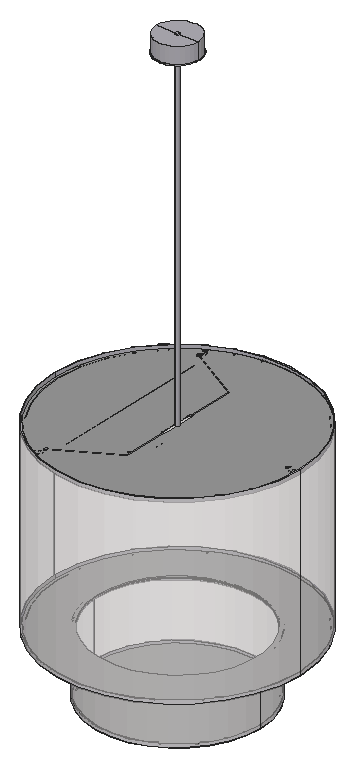
Revit family "Lighting - Lumetta - Pendant - P5342334", category Lighting Fixtures, host Ceiling, Revit 2015
Parameters
  Wattage = 11.7117 W
  built-in parameter 1150110 = 1 (stored number, unit not read)
  URL = "https://lumetta.com/luminaires/drum-2tier-34-pendant/"
  Type Comments = "Drum 2Tier 34'' Pendant"  # constant formula
  built-in parameter 1114217 = 1 (stored number, unit not read)
  Top Lens-Material [instance] = Acrylic - 2447 - White
  Top Lens [instance] = yes
  built-in parameter 1150109 = 1 (stored number, unit not read)
  built-in parameter 1150134 = (empty or 0)
  Suspension [instance] = 2
  built-in parameter 1150113 = 1 (stored number, unit not read)
  Stem Hung-ALL Lamping [instance] = Suspension = 2  # yes
  STD-NON_DIM [instance] = not([3-4-LED])  # yes
  P5342334 URL [instance] = "https://lumetta.com/luminaires/drum-2tier-34-pendant/"
  Light Source Symbol Size = 0' - 1"
  Coupling-Stems Over 60 inches [instance] = and([Stem Hung-ALL Lamping], Fixture Drop > 5' 0")  # no
  Model = "P5342334"  # constant formula
  Manufacturer = "Lumetta, Inc."  # constant formula
  Lumens = 1300 lm
  built-in parameter 1150115 = 1 (stored number, unit not read)
  built-in parameter 1150105 = 103.45 (stored number, unit not read)
  built-in parameter 1150137 = (empty or 0)
  built-in parameter 1150139 = (empty or 0)
  built-in parameter 1150112 = 1 (stored number, unit not read)
  built-in parameter 1150114 = 1 (stored number, unit not read)
  built-in parameter 1150132 = 1
  built-in parameter 1150102 = (empty or 0)
  built-in parameter 1150138 = (empty or 0)
  built-in parameter 1150107 = 3000 (stored number, unit not read)
  built-in parameter 1150106 = 1.0345 (stored number, unit not read)
  Frame Finish [instance] = Paint - Lumetta - F02 - PC_Chrome
  Fixture Drop [instance] = 4' - 0"
  built-in parameter 1150104 = 10.312 (stored number, unit not read)
  Dimming Lamp Color Temperature Shift = (empty or 0)
  Top Diffuser Material [instance] = Shade - Lumetta - D61 - MT_White
  Description = ""
  Cord [instance] = Suspension = 1  # no
  Bottom Lens-Material [instance] = Acrylic - P95 - Etched White
  Bottom Lens [instance] = yes
  Bottom Diffuser Material [instance] = Shade - Lumetta - D61 - MT_White
  3-4-LED [instance] = and([3 or 4 Wire Dimming OR LED], Suspension = 1)  # no
  3 or 4 Wire Dimming OR LED [instance] = yes
  3 Cables [instance] = Suspension = 1  # no
  1CRD-3CBL-ALL Lamping [instance] = Suspension = 1  # no
  Cord Color [instance] = Cord, Black
  Color Filter = 16777215
  built-in parameter 1114218 = 1 (stored number, unit not read)
  built-in parameter 1150133 = 10 (stored number, unit not read)
Reference planes (in)
  plane 1 "Light Source Axis (F/B)": y = 0
  plane 2 "Ceiling": z = 96
  plane 3 "Light Source Axis (L/R)": x = 0
  plane 4 "Light Source Elevation": z = 45.5
  plane 5 "Fixture-Top": z = 48
  plane 6 "Fixture-Radius-1": x = 17
  plane 7 "Fixture-Height-1": z = 22.5
  plane 8: through (0, 0, 0) normal (-0.5, -0.866, 0)
  plane 9: y = 0
  plane 10: through (0, 0, 0) normal (0.5, -0.866, 0)
  plane 11 "Plane-120": through (-8.5, 14.72243, 0) normal (0.5, -0.866, 0)
  plane 12 "Plane-240": through (-70.85383, 21.27757, 0) normal (0.5, 0.866, 0)
  plane 13: through (0, 0, 0) normal (-0.866, -0.5, 0)
  plane 14: through (0, 0, 0) normal (0.866, -0.5, 0)
  plane 15 "Fixture-Radius-2": x = 11.5
  plane 16 "Fixture-Height-2": z = 14
Forms (in)
  Revolve 1, solid, material "Paint - Lumetta - F02 - PC_Chrome" <- "Frame Finish", visible <- "1CRD-3CBL-ALL Lamping"
    sketch origin (0, 0, 0) x (1, 0, 0) y (0, 0, 1)
      loop
        line (0, 96) -> (0, 95.4375) -> (3, 95.4375) -> (3, 95.5) -> (2.87509, 95.5) -> (2.87509, 96) -> (0, 96)
      axis (0, 96) -> (0, 95.4375)
    angle from 0 to 360
  Extrusion 2, void
    sketch origin (0, 0, 95.4375) x (0, -1, 0) y (1, 0, 0)
      loop
        circle (0, 0) r 0.25
      loop
        circle (0, 2.5) r 0.06274
      loop
        circle (-2.16506, -1.25) r 0.06274
      loop
        circle (2.16506, -1.25) r 0.06274
    from 0 to 0.06358
  Revolve 3, solid, material "Paint - Lumetta - F02 - PC_Chrome" <- "Frame Finish"
    sketch origin (0, 0, 0) x (1, 0, 0) y (0, 0, 1)
      loop
        line (17, 48) -> (16.93781, 48) -> (16.93781, 47.56373) -> (16.50031, 47.56373) -> (16.50031, 47.50123) -> (17, 47.50123) -> (17, 48)
      loop
        line (17, 23.00004) -> (16.93781, 23.00004) -> (16.93781, 22.56378) -> (16.50031, 22.56378) -> (16.50031, 22.5) -> (17, 22.5) -> (17, 23.00004)
      loop
        line (11.5, 14.49877) -> (11.4375, 14.49877) -> (11.4375, 14.0625) -> (11, 14.0625) -> (11, 14) -> (11.5, 14) -> (11.5, 14.49877)
      loop
        line (11.5, 22.00123) -> (11.5, 22.5) -> (11, 22.5) -> (11, 22.4375) -> (11.4375, 22.4375) -> (11.4375, 22.00123) -> (11.5, 22.00123)
      axis (0, 48) -> (0, 14)
    angle from 0 to 360
  Revolve 4, solid, material "Shade - Lumetta - D61 - MT_White" <- "Top Diffuser Material"
    sketch origin (0, 0, 0) x (1, 0, 0) y (0, 0, 1)
      loop
        line (17, 48) -> (17, 22.5) -> (17.06242, 22.5) -> (17.06242, 48) -> (17, 48)
      axis (0, 48) -> (0, 22.5)
    angle from 0 to 360
  Extrusion 5, solid, material "Paint - Lumetta - F02 - PC_Chrome" <- "Frame Finish", visible <- "Stem Hung-ALL Lamping"
    sketch origin (0, 0, 48) x (0, -1, 0) y (-1, 0, 0)
      loop
        circle (0, 0) r 0.25
    from 0.56254 to -48
  Revolve 6, solid, material "Paint - Lumetta - F02 - PC_Chrome" <- "Frame Finish", visible <- "Coupling-Stems Over 60 inches"
    sketch origin (0, 0, 0) x (1, 0, 0) y (0, 0, 1)
      loop
        line (0, 108.53023) -> (0, 108) -> (0.26233, 108)
        arc (0.26233, 108) -> (0.31307, 108.05074) -> (0.26233, 108.10149) r 0.05074
        arc (0.26233, 108.10149) -> (0.29304, 108.26499) -> (0.26243, 108.42851) r 0.45126
        arc (0.26243, 108.42851) -> (0.31329, 108.47937) -> (0.26243, 108.53023) r 0.05086
        line (0.26243, 108.53023) -> (0, 108.53023)
      axis (0, 108.53023) -> (0, 108)
    angle from 0 to 360
  Revolve 7, solid, material "Paint - Lumetta - F02 - PC_Chrome" <- "Frame Finish", visible <- "Stem Hung-ALL Lamping"
    sketch origin (0, 0, 0) x (1, 0, 0) y (0, 0, 1)
      loop
        line (0, 96) -> (0, 93.40625) -> (0.34988, 93.40625)
        arc (0.34988, 93.40625) -> (0.49124, 93.54417) -> (0.58115, 93.72) r 0.61026
        line (0.58115, 93.72) -> (3, 93.72) -> (3, 93.78) -> (2.875, 93.78) -> (2.875, 96) -> (0, 96)
      axis (0, 96) -> (0, 93.40625)
    angle from 0 to 360
  Extrusion 8, solid, material "Cord, Black" <- "Cord Color", visible <- "1CRD-3CBL-ALL Lamping"
    sketch origin (0, 0, 48) x (0, -1, 0) y (1, 0, 0)
      loop
        circle (0, 0) r 0.15674
    from -0.56254 to 48
  Extrusion 9, solid
    sketch origin (0, 0, 48) x (0, -1, 0) y (1, 0, 0)
      loop
        line (-0.5, 16.48559) -> (-0.5, 15.75) -> (0.5, 15.75) -> (0.5, 16.48559)
        arc (0.5, 16.48559) -> (0, 16.49317) -> (-0.5, 16.48559) r 16.49317
      loop
        circle (0, 16) r 0.11051
      loop
        arc (-14.53312, -7.81335) -> (-14.28968, -8.25015) -> (-14.03312, -8.67938) r 16.50031
        line (-14.03312, -8.67938) -> (-13.3899, -8.30801) -> (-13.8899, -7.44199) -> (-14.53312, -7.81335)
      loop
        circle (-13.85641, -8) r 0.10826
      loop
        arc (14.02694, -8.67581) -> (14.2835, -8.24658) -> (14.52694, -7.80978) r 16.49317
        line (14.52694, -7.80978) -> (13.8899, -7.44199) -> (13.3899, -8.30801) -> (14.02694, -8.67581)
      loop
        circle (13.85641, -8) r 0.10826
    from -0.43627 to -0.49877
  Extrusion 10, solid
    sketch origin (0, 0, 48) x (0, -1, 0) y (1, 0, 0)
      loop
        circle (0, 16) r 0.11051
      loop
        line (-0.76833, 16.23292) -> (-0.76833, 15.46921) -> (-13.81756, -7.13271) -> (-14.42396, -7.48282) -> (-13.67396, -8.78185) -> (-13.01257, -8.4) -> (13.08589, -8.4) -> (13.69229, -8.7501) -> (14.44229, -7.45107) -> (13.7809, -7.06921) -> (0.73167, 15.53271) -> (0.73167, 16.23292) -> (-0.76833, 16.23292)
      loop
        circle (0, 15.25) r 0.15796
      loop
        circle (-13.85641, -8) r 0.11051
      loop
        circle (-13.20689, -7.625) r 0.15796
      loop
        circle (13.85641, -8) r 0.11051
      loop
        circle (13.20689, -7.625) r 0.15796
      loop
        arc (11.2475, -6.7125) -> (11.43695, -6.60313) -> (11.43695, -6.38438) r 0.21875
        line (11.43695, -6.38438) -> (0.18944, 13.09688)
        arc (0.18944, 13.09688) -> (0, 13.20625) -> (-0.18944, 13.09688) r 0.21875
        line (-0.18944, 13.09688) -> (-11.43695, -6.38438)
        arc (-11.43695, -6.38438) -> (-11.43695, -6.60313) -> (-11.2475, -6.7125) r 0.21875
        line (-11.2475, -6.7125) -> (11.2475, -6.7125)
    from -0.5625 to -0.49877
  Sweep 11, solid, visible <- "1CRD-3CBL-ALL Lamping"
    path origin (0, 0, 0) x (1, 0, 0) y (0, 0, 1)
      loop
        line (2.5, 95.50108) -> (15.25, 47.50123)
    profile origin (8.875, 0, 71.50116) x (0.966485, 0, 0.256723) y (0, -1, 0)
      loop
        circle (0, 0) r 0.03083
  Sweep 12, solid, visible <- "1CRD-3CBL-ALL Lamping"
    path origin (0, 0, 0) x (-0.5, 0.866025, 0) y (0, 0, 1)
      loop
        line (2.5, 95.50108) -> (15.25, 47.50123)
    profile origin (-4.4375, 7.68598, 71.50116) x (-0.483242, 0.837, 0.256723) y (0.866025, 0.5, 0)
      loop
        circle (0, 0) r 0.03083
  Sweep 13, solid, visible <- "1CRD-3CBL-ALL Lamping"
    path origin (0, 0, 0) x (-0.5, -0.866025, 0) y (0, 0, 1)
      loop
        line (2.5, 95.50108) -> (15.25, 47.50123)
    profile origin (-4.4375, -7.68598, 71.50116) x (-0.483242, -0.837, 0.256723) y (-0.866025, 0.5, 0)
      loop
        circle (0, 0) r 0.03083
  Extrusion 14, solid, material "Acrylic - P95 - Etched White" <- "Bottom Lens-Material", visible <- "Bottom Lens"
    sketch origin (0, 0, 22.5) x (0, -1, 0) y (1, 0, 0)
      loop
        circle (0, 0) r 16.84375
      loop
        circle (0, 0) r 11
    from 0.06378 to 0.1875
  Extrusion 15, solid
    sketch origin (0, 0, 48) x (0, -1, 0) y (1, 0, 0)
      loop
        line (-8.47262, -1.25) -> (8.47262, -1.25) -> (7.02924, 1.25) -> (-7.02924, 1.25) -> (-8.47262, -1.25)
      loop
        circle (0, 0) r 0.28281
    from -0.56254 to -0.49877
  Extrusion 16, solid, material "Acrylic - 2447 - White" <- "Top Lens-Material", visible <- "Top Lens"
    sketch origin (0, 0, 48) x (0, -1, 0) y (1, 0, 0)
      loop
        line (-2.50665, 0.05287) -> (-8.76685, 0.05287) -> (-13.06871, -7.39816)
        arc (-13.06871, -7.39816) -> (-13.39627, -7.81123) -> (-12.97776, -7.49064) r 0.26561
        line (-12.97776, -7.49064) -> (-8.69468, -0.07213) -> (-2.50665, -0.07213)
        arc (-2.50665, -0.07213) -> (-2.4132, -0.21734) -> (-2.25, -0.27378) r 0.26415
        line (-2.25, -0.27378) -> (2.25, -0.27378)
        arc (2.25, -0.27378) -> (2.41692, -0.21436) -> (2.50874, -0.06284) r 0.26415
        line (2.50874, -0.06284) -> (8.68932, -0.06284) -> (12.97864, -7.49217)
        arc (12.97864, -7.49217) -> (13.3955, -7.80984) -> (13.06947, -7.39949) r 0.26408
        line (13.06947, -7.39949) -> (8.76109, 0.06284) -> (2.50402, 0.06284)
        arc (2.50402, 0.06284) -> (2.40911, 0.20123) -> (2.25, 0.25453) r 0.26415
        line (2.25, 0.25453) -> (-2.25, 0.25453)
        arc (-2.25, 0.25453) -> (-2.4132, 0.19808) -> (-2.50665, 0.05287) r 0.26415
      loop
        circle (0, 15.25) r 0.26626
      loop
        circle (0, 0) r 16.84375
    from -0.43627 to -0.375
  Revolve 17, solid, material "Paint - Lumetta - F02 - PC_Chrome" <- "Frame Finish", visible <- "STD-NON_DIM"
    sketch origin (0, 0, 0) x (1, 0, 0) y (0, 0, 1)
      loop
        line (0, 95.4375) -> (0, 94.87435) -> (0.28215, 94.87435) -> (0.37481, 95.4375) -> (0, 95.4375)
      axis (0, 95.4375) -> (0, 94.87435)
    angle from 0 to 360
  Revolve 18, solid, material "Paint - Lumetta - F02 - PC_Chrome" <- "Frame Finish", visible <- "3-4-LED"
    sketch origin (0, 0, 0) x (1, 0, 0) y (0, 0, 1)
      loop
        line (0, 95.4375) -> (0, 95.3765) -> (0.37481, 95.3765) -> (0.37481, 95.4375) -> (0, 95.4375)
      axis (0, 95.4375) -> (0, 95.3765)
    angle from 0 to 360
  Revolve 19, solid, material "Shade - Lumetta - D61 - MT_White" <- "Bottom Diffuser Material"
    sketch origin (0, 0, 0) x (1, 0, 0) y (0, 0, 1)
      loop
        line (11.5, 22.5) -> (11.5, 14) -> (11.5625, 14) -> (11.5625, 22.5) -> (11.5, 22.5)
      axis (0, 22.5) -> (0, 14)
    angle from 0 to 360
  Extrusion 20, solid, material "Acrylic - P95 - Etched White" <- "Bottom Lens-Material"
    sketch origin (0, 0, 14) x (-1, 0, 0) y (0, -1, 0)
      loop
        circle (0, 0) r 11.375
    from 0.0625 to 0.19561
Dimensions and locks (in)
  equal spacing: host sketch curve, plane 3 "Light Source Axis (L/R)", host sketch curve
  equal spacing: host sketch curve, plane 1 "Light Source Axis (F/B)", host sketch curve
  host sketch curve to host sketch curve = 10' - 0"  (x2)
  "Fixture Drop": plane 2 "Ceiling" to plane 5 "Fixture-Top"
  locked: plane 5 "Fixture-Top" to plane 4 "Light Source Elevation" at 2.5
  locked: plane 6 "Fixture-Radius-1" to plane 3 "Light Source Axis (L/R)" at 17
  locked: plane 5 "Fixture-Top" to plane 7 "Fixture-Height-1" at 25.5
  locked: Extrusion 2 sketch curve to Extrusion 2 sketch curve at 2.5
  locked: plane 6 "Fixture-Radius-1" to Revolve 3 sketch curve at 0.06219  (x2)
  locked: Revolve 4 sketch curve to plane 6 "Fixture-Radius-1" at 0.06242
  locked: Revolve 3 to Revolve 4 at 0.06378
  locked: Extrusion 5 sketch curve to imposter light
  locked: Extrusion 5 sketch curve to imposter light at 0
  Revolve 6 sketch curve to Revolve 6 sketch curve = 0' - 0.15822"
  locked: Revolve 6 sketch curve to Revolve 4 at 60
  locked: Revolve 6 sketch curve to Revolve 6 sketch curve at 0.53023
  locked: Revolve 6 sketch curve to Revolve 6 sketch curve at 0.26243
  locked: Revolve 6 sketch curve to Revolve 6 sketch curve at 0.26233
  locked: Revolve 6 sketch curve to Revolve 6 sketch curve at 0.05074
  locked: Revolve 6 sketch curve to Revolve 6 sketch curve at 0.47937
  locked: Revolve 6 sketch curve to Revolve 6 sketch curve at 0.26512
  locked: Revolve 7 sketch curve to Revolve 7 sketch curve at 2.875
  locked: Revolve 7 sketch curve to Revolve 7 sketch curve at 0.31375
  locked: plane 5 "Fixture-Top" to Revolve 3 sketch curve at 0.49877
  locked: Revolve 3 sketch curve to Revolve 3 sketch curve at 0.0625  (x5)
  locked: Revolve 3 sketch curve to plane 7 "Fixture-Height-1" at 0.50004
  locked: plane 6 "Fixture-Radius-1" to Revolve 3 sketch curve at 0.49969
  locked: Revolve 1 sketch curve to Revolve 1 sketch curve at 0.0625
  locked: host ceiling to Revolve 1 sketch curve at 0.5625
  locked: Revolve 1 sketch curve to Revolve 1 sketch curve at 0.5625
  Revolve 1 sketch curve to Revolve 1 sketch curve = 0' - 2.87509"
  equal spacing: Extrusion 9 sketch curve, plane 1 "Light Source Axis (F/B)", Extrusion 9 sketch curve
  locked: Extrusion 9 sketch curve to plane 1 "Light Source Axis (F/B)" at 0.5
  locked: Extrusion 9 sketch curve to plane 6 "Fixture-Radius-1" at 1
  locked: Extrusion 9 sketch curve to plane 6 "Fixture-Radius-1" at 1.25
  locked: Extrusion 10 sketch curve to plane 6 "Fixture-Radius-1" at 1
  locked: Extrusion 10 sketch curve to plane 6 "Fixture-Radius-1" at 1.75
  locked: plane 10 to plane 11 "Plane-120" at 17
  locked: plane 12 "Plane-240" to plane 8 at 17
  locked: plane 11 "Plane-120" to Extrusion 9 sketch curve at 1.25
  locked: Extrusion 9 sketch curve to plane 11 "Plane-120" at 1
  locked: plane 12 "Plane-240" to Extrusion 9 sketch curve at 1.25
  locked: Extrusion 9 sketch curve to plane 12 "Plane-240" at 1
  locked: Extrusion 10 sketch curve to plane 11 "Plane-120" at 0.76708
  locked: Extrusion 10 sketch curve to plane 12 "Plane-240" at 0.76708
  locked: Extrusion 10 sketch curve to plane 6 "Fixture-Radius-1" at 0.76708
  locked: Extrusion 10 sketch curve to plane 12 "Plane-240" at 1
  locked: Extrusion 10 sketch curve to plane 12 "Plane-240" at 1.75
  locked: Extrusion 10 sketch curve to plane 11 "Plane-120" at 1
  locked: Extrusion 10 sketch curve to plane 11 "Plane-120" at 1.75
  equal spacing: Extrusion 9 sketch curve, plane 13, Extrusion 9 sketch curve, locked at 0.5 each
  equal spacing: Extrusion 9 sketch curve, plane 14, Extrusion 9 sketch curve
  locked: plane 10 to Extrusion 2 sketch curve at 2.5
  locked: Extrusion 2 sketch curve to plane 8 at 2.5
  locked: Extrusion 10 sketch curve to Extrusion 10 sketch curve at 1.6875  (x3)
  locked: Extrusion 10 sketch curve to Extrusion 10 sketch curve at 1.5  (x3)
  locked: Extrusion 14 to plane 7 "Fixture-Height-1" at 0.1875
  plane 3 "Light Source Axis (L/R)" to Extrusion 15 sketch curve = 0' - 1 1/4"
  Extrusion 15 sketch curve to plane 3 "Light Source Axis (L/R)" = 0' - 1 1/4"
  locked: Extrusion 15 sketch curve to Extrusion 10 at 1.6875  (x2)
  locked: Extrusion 16 sketch curve to plane 9 at 2.25
  locked: Extrusion 16 sketch curve to plane 3 "Light Source Axis (L/R)" at 0.07213
  locked: plane 3 "Light Source Axis (L/R)" to Extrusion 16 sketch curve at 0.05287
  locked: plane 3 "Light Source Axis (L/R)" to Extrusion 16 sketch curve at 0.06284
  locked: Extrusion 16 sketch curve to plane 3 "Light Source Axis (L/R)" at 0.06284
  locked: Extrusion 16 sketch curve to plane 3 "Light Source Axis (L/R)" at 0.00963  (x2)
  locked: Extrusion 16 sketch curve to plane 11 "Plane-120" at 1.75
  locked: Extrusion 16 sketch curve to plane 12 "Plane-240" at 1.75
  locked: Extrusion 16 sketch curve to plane 6 "Fixture-Radius-1" at 1.75
  locked: Extrusion 16 sketch curve to Extrusion 10 at 0.78125  (x2)
  locked: Extrusion 16 sketch curve to Extrusion 16 sketch curve at 0.125  (x2)
  Extrusion 16 to plane 3 "Light Source Axis (L/R)" = 0' - 0.07213"
  locked: plane 5 "Fixture-Top" to Extrusion 16 at 0.375
  locked: Revolve 1 sketch curve to Revolve 1 sketch curve at 3
  locked: Revolve 1 sketch curve to Revolve 1 sketch curve at 2.87509
  locked: Revolve 17 sketch curve to Revolve 17 sketch curve at 0.37481
  locked: Revolve 17 sketch curve to Revolve 17 sketch curve at 0.28215
  locked: Revolve 1 to Revolve 17 sketch curve at 0.56315
  locked: Revolve 1 to Revolve 18 sketch curve at 0.061
  locked: plane 3 "Light Source Axis (L/R)" to Revolve 18 sketch curve at 0.37481
  locked: plane 15 "Fixture-Radius-2" to plane 3 "Light Source Axis (L/R)" at 11.5
  plane 7 "Fixture-Height-1" to plane 16 "Fixture-Height-2" = 0' - 8 1/2"
  locked: Revolve 3 sketch curve to plane 16 "Fixture-Height-2" at 0
  locked: Revolve 3 sketch curve to plane 15 "Fixture-Radius-2"
  locked: Revolve 3 sketch curve to Revolve 3 sketch curve at 0.5  (x2)
  locked: Revolve 3 sketch curve to Revolve 3 sketch curve at 0.49877  (x2)
  Revolve 3 sketch curve to Revolve 3 sketch curve = 0' - 0 1/16"
  locked: Revolve 3 sketch curve to plane 15 "Fixture-Radius-2" at 0
  Revolve 3 sketch curve to Revolve 3 sketch curve = 0' - 0 1/2"
  locked: plane 7 "Fixture-Height-1" to Revolve 3 sketch curve at 0
  locked: Revolve 19 sketch curve to Revolve 19 sketch curve at 0.0625
  locked: Revolve 19 sketch curve to plane 16 "Fixture-Height-2" at 0
  locked: Revolve 19 sketch curve to plane 7 "Fixture-Height-1" at 0
  Revolve 19 sketch curve to plane 15 "Fixture-Radius-2" = 0' - 0"
  locked: Extrusion 20 to Revolve 3 at 0.13311
  locked: Extrusion 14 sketch curve to Extrusion 14 sketch curve (radius 1' - 4 27/32")
  locked: Extrusion 16 sketch curve to Extrusion 16 sketch curve (radius 1' - 4 27/32")
  aligned and locked: plane 3 "Light Source Axis (L/R)" to imposter light
  aligned and locked: plane 1 "Light Source Axis (F/B)" to imposter light
  aligned and locked: plane 4 "Light Source Elevation" to imposter light
  aligned and locked: Revolve 4 sketch curve to plane 3 "Light Source Axis (L/R)"
  aligned and locked: Revolve 6 sketch curve to Revolve 6 sketch curve  (x2)
  aligned and locked: host ceiling to Extrusion 5
  aligned and locked: Extrusion 9 to Revolve 3
  aligned and locked: Revolve 3 to Extrusion 9
  aligned and locked: Extrusion 10 to Extrusion 9
  aligned and locked: Extrusion 9 sketch curve to Revolve 3
  aligned and locked: host ceiling to Extrusion 8
  aligned and locked: Extrusion 14 to Revolve 3
  aligned and locked: Extrusion 15 to Extrusion 5
  aligned and locked: Revolve 3 to Extrusion 15
  aligned and locked: Extrusion 16 sketch curve to Extrusion 16 sketch curve  (x2)
  aligned and locked: Extrusion 16 to Revolve 3
  aligned and locked: Extrusion 20 to Revolve 3
Automatic sketch dimensions
  Revolve 7 sketch curve to plane 3 "Light Source Axis (L/R)" = 0' - 0"  (x3)
  Revolve 7 sketch curve to plane 2 "Ceiling" = 0' - 0"
  plane 3 "Light Source Axis (L/R)" to Revolve 7 sketch curve = 0' - 0.34988"
  Revolve 7 sketch curve to Revolve 7 sketch curve = 0' - 0.23126"
  Revolve 7 sketch curve to Revolve 7 sketch curve = 0' - 0 1/8"
  Revolve 7 sketch curve to plane 2 "Ceiling" = 0' - 2 3/32"
  Revolve 7 sketch curve to Revolve 7 sketch curve = 0' - 0.06"
  plane 2 "Ceiling" to Revolve 7 sketch curve = 0' - 1 3/4"
  Revolve 7 sketch curve to Revolve 7 sketch curve = 0' - 2 1/2"
  plane 1 "Light Source Axis (F/B)" to Extrusion 8 sketch curve = 0' - 0"
  Extrusion 8 sketch curve to plane 3 "Light Source Axis (L/R)" = 0' - 0"
  Extrusion 9 sketch curve to Extrusion 9 sketch curve = 0' - 0"  (x2)
  plane 1 "Light Source Axis (F/B)" to Extrusion 9 sketch curve = 0' - 0"  (x2)
  Extrusion 9 sketch curve to Extrusion 9 sketch curve = 0' - 0.03349"  (x2)
  Extrusion 9 sketch curve to Extrusion 9 sketch curve = 0' - 0.17053"
  Extrusion 9 sketch curve to plane 6 "Fixture-Radius-1" = 0' - 0.51441"
  Extrusion 9 sketch curve to plane 3 "Light Source Axis (L/R)" = 0' - 0"
  plane 14 to Extrusion 9 sketch curve = 0' - 0"
  plane 13 to Extrusion 9 sketch curve = 0' - 0"
  plane 13 to Extrusion 10 sketch curve = 0' - 0"  (x3)
  plane 1 "Light Source Axis (F/B)" to Extrusion 10 sketch curve = 0' - 0"  (x3)
  plane 14 to Extrusion 10 sketch curve = 0' - 0"  (x2)
  Extrusion 10 sketch curve to plane 14 = 0' - 0"
  Extrusion 10 sketch curve to Extrusion 10 sketch curve = 0' - 0.18245"
  Extrusion 10 sketch curve to plane 1 "Light Source Axis (F/B)" = 0' - 0.18944"
  plane 1 "Light Source Axis (F/B)" to Extrusion 10 sketch curve = 0' - 0.18944"
  plane 1 "Light Source Axis (F/B)" to Extrusion 10 sketch curve = 0' - 0.73167"
  Extrusion 10 sketch curve to Extrusion 10 sketch curve = 0' - 0.121"
  Extrusion 10 sketch curve to Extrusion 10 sketch curve = 0' - 0 7/64"
  Extrusion 10 sketch curve to Extrusion 10 sketch curve = 0' - 1.95938"
  Extrusion 10 sketch curve to Extrusion 10 sketch curve = 0' - 0 7/32"
  Extrusion 10 sketch curve to Extrusion 10 sketch curve = 0' - 0.18944"  (x2)
  Extrusion 10 sketch curve to Extrusion 10 sketch curve = 0' - 0.6064"
  Extrusion 10 sketch curve to Extrusion 10 sketch curve = 0' - 0.66139"
  plane 1 "Light Source Axis (F/B)" to Extrusion 15 sketch curve = 0' - 0"
  Extrusion 15 sketch curve to plane 3 "Light Source Axis (L/R)" = 0' - 0"
  plane 13 to Extrusion 16 sketch curve = 0' - 0"
  plane 1 "Light Source Axis (F/B)" to Extrusion 16 sketch curve = 0' - 0"  (x2)
  plane 14 to Extrusion 16 sketch curve = 0' - 0"
  Extrusion 16 sketch curve to plane 3 "Light Source Axis (L/R)" = 0' - 0"
  plane 1 "Light Source Axis (F/B)" to Extrusion 16 sketch curve = 0' - 2 1/4"
  Extrusion 16 sketch curve to Extrusion 16 sketch curve = 0' - 0.25665"
  Extrusion 16 sketch curve to Extrusion 16 sketch curve = 0' - 0.13436"
  Extrusion 16 sketch curve to Extrusion 16 sketch curve = 0' - 0.09083"
  Revolve 1 sketch curve to plane 3 "Light Source Axis (L/R)" = 0' - 0"  (x2)
  Revolve 1 sketch curve to plane 5 "Fixture-Top" = 0' - 1 1/4"
  Revolve 1 sketch curve to Revolve 1 sketch curve = 0' - 9 3/4"
  Extrusion 2 sketch curve to Revolve 1 = 0' - 0"
  Revolve 1 to Extrusion 2 sketch curve = 0' - 2.16506"
  Extrusion 2 sketch curve to Revolve 1 = 0' - 2.16506"
  Revolve 3 sketch curve to plane 3 "Light Source Axis (L/R)" = 0' - 0"
  Revolve 3 sketch curve to plane 7 "Fixture-Height-1" = 0' - 0"
  Revolve 3 sketch curve to plane 6 "Fixture-Radius-1" = 0' - 0"  (x2)
  Revolve 3 sketch curve to plane 5 "Fixture-Top" = 0' - 0"
  Revolve 3 sketch curve to Revolve 3 sketch curve = 0' - 0 7/16"
  Revolve 3 sketch curve to plane 7 "Fixture-Height-1" = 0' - 0.06378"
  Revolve 3 sketch curve to plane 16 "Fixture-Height-2" = 0' - 2"
  Revolve 3 sketch curve to plane 2 "Ceiling" = 0' - 1"
  Revolve 4 sketch curve to plane 6 "Fixture-Radius-1" = 0' - 0"
  Revolve 4 sketch curve to plane 7 "Fixture-Height-1" = 0' - 0"
  Revolve 4 sketch curve to plane 5 "Fixture-Top" = 0' - 0"
  Revolve 4 sketch curve to level = 0' - 0 3/4"
  Revolve 4 sketch curve to plane 5 "Fixture-Top" = 0' - 2 1/4"
  Revolve 6 sketch curve to plane 3 "Light Source Axis (L/R)" = 0' - 0"
  Revolve 6 sketch curve to Revolve 6 sketch curve = 0' - 11.34317"
  Sweep 11 sketch curve to plane 2 "Ceiling" = 0' - 0.49892"
  plane 3 "Light Source Axis (L/R)" to Sweep 11 sketch curve = 0' - 2 1/2"
  plane 5 "Fixture-Top" to Sweep 11 sketch curve = 0' - 0.49877"
  Sweep 11 sketch curve to plane 6 "Fixture-Radius-1" = 0' - 1 3/4"
  Sweep 11 sketch curve to plane 1 "Light Source Axis (F/B)" = 0' - 0"
  Sweep 11 sketch curve to profile plane = 0' - 0"
  Sweep 12 sketch curve to plane 2 "Ceiling" = 0' - 0.49892"
  Sweep 12 sketch curve to plane 10 = 0' - 2 1/2"
  plane 5 "Fixture-Top" to Sweep 12 sketch curve = 0' - 0.49877"
  plane 11 "Plane-120" to Sweep 12 sketch curve = 0' - 1 3/4"
  Sweep 12 sketch curve to profile plane = 0' - 0"
  profile plane to Sweep 12 sketch curve = 0' - 0"
  Sweep 13 sketch curve to plane 2 "Ceiling" = 0' - 0.49892"
  plane 8 to Sweep 13 sketch curve = 0' - 2 1/2"
  plane 5 "Fixture-Top" to Sweep 13 sketch curve = 0' - 0.49877"
  plane 12 "Plane-240" to Sweep 13 sketch curve = 0' - 1 3/4"
  profile plane to Sweep 13 sketch curve = 0' - 0"  (x2)
  Revolve 17 sketch curve to plane 3 "Light Source Axis (L/R)" = 0' - 0"  (x2)
  Revolve 17 sketch curve to plane 2 "Ceiling" = 0' - 0 9/16"
  Revolve 17 sketch curve to Revolve 17 sketch curve = 0' - 1.18685"
  plane 2 "Ceiling" to Revolve 17 sketch curve = 0' - 6 11/16"
  Revolve 18 sketch curve to plane 3 "Light Source Axis (L/R)" = 0' - 0"  (x2)
  Revolve 18 sketch curve to Revolve 18 sketch curve = 0' - 0.061"
  Revolve 18 sketch curve to Revolve 18 sketch curve = 0' - 0.82606"
  Revolve 18 sketch curve to plane 2 "Ceiling" = 0' - 0 1/4"
  Revolve 19 sketch curve to plane 3 "Light Source Axis (L/R)" = 0' - 0"
  Revolve 19 sketch curve to plane 7 "Fixture-Height-1" = 0' - 1 1/2"
  Revolve 19 sketch curve to Revolve 19 sketch curve = 0' - 4"
  Extrusion 14 sketch curve to Extrusion 14 sketch curve = 0' - 0"  (x2)
  plane 1 "Light Source Axis (F/B)" to Extrusion 14 sketch curve = 0' - 0"
  Extrusion 14 sketch curve to plane 3 "Light Source Axis (L/R)" = 0' - 0"
  plane 1 "Light Source Axis (F/B)" to Extrusion 20 sketch curve = 0' - 0"
  Extrusion 20 sketch curve to plane 3 "Light Source Axis (L/R)" = 0' - 0"
  radius of Extrusion 5 sketch curve = 0' - 0 1/4"
  radius of Extrusion 8 sketch curve = 0' - 0.15674"
  radius of Extrusion 9 sketch curve = 0' - 0.11051"
  radius of Extrusion 9 sketch curve = 0' - 0.10826"  (x2)
  radius of Extrusion 10 sketch curve = 0' - 0.11051"  (x3)
  radius of Extrusion 10 sketch curve = 0' - 0.15796"  (x3)
  radius of Extrusion 15 sketch curve = 0' - 0.28281"
  radius of Extrusion 16 sketch curve = 0' - 0.26626"
  radius of Extrusion 2 sketch curve to Revolve 1 = 0' - 2 3/4"
  radius of Extrusion 2 sketch curve = 0' - 0.06274"  (x3)
  radius of Sweep 11 sketch curve = 0' - 0.03083"
  radius of Sweep 12 sketch curve = 0' - 0.03083"
  radius of Sweep 13 sketch curve = 0' - 0.03083"
  radius of Extrusion 14 sketch curve = 0' - 11"
  radius of Extrusion 20 sketch curve = 0' - 11 3/8"
